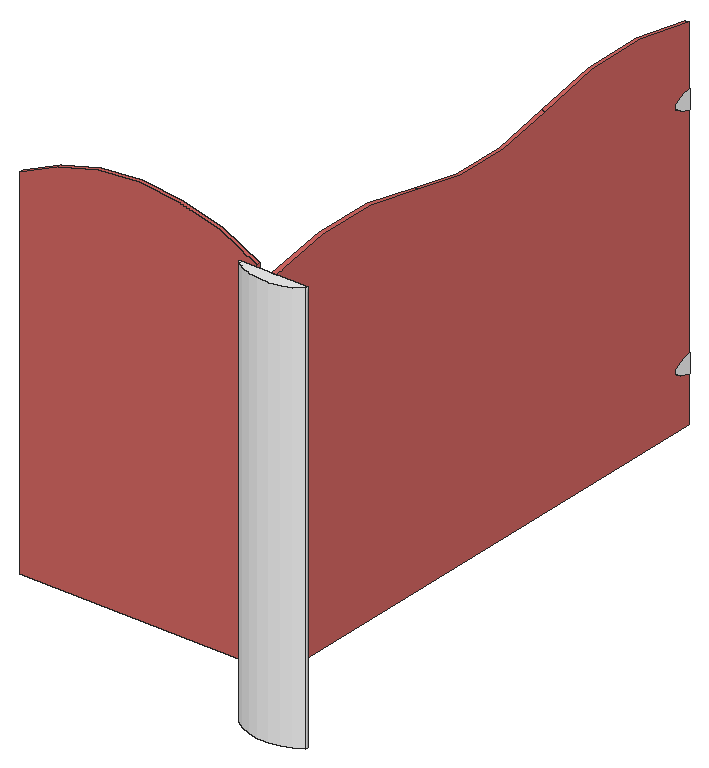
Revit family "NBS_ConceptCubicleSystems_PnlCbclSym_LittleOnes", category Specialty Equipment, Revit 2019
Family settings
  Round Connector Dimension = Use Diameter
  Part Type = Normal
  Work Plane-Based = No
  Always vertical = Yes
  Cut with Voids When Loaded = No
  Shared = No
  Room Calculation Point = No
Parameters (values of type "MiddleOrEndCubicle")
  WarrantyStartDate [instance] = "1900-12-31T23:59:59"
  WarrantyGuarantorParts = "n/a"
  WarrantyGuarantorLabor = "n/a"
  WarrantyDurationUnit = "year"
  WarrantyDurationParts = "n/a"
  WarrantyDurationLabor = "n/a"
  WarrantyDescription = "n/a"
  Version = "3"  # constant formula
  Uniclass2015Version = "Systems v1.17"
  Uniclass2015Title = "Panel cubicle systems"
  Uniclass2015Code = "Ss_25_12_60_60"
  TagNumber [instance] = "n/a"
  SystemManufacturer = "Concept Cubicle Systems"
  SustainabilityPerformance = "n/a"
  Style = "Cubicle"
  Status = "UNSET"
  Size = "1500 x 1200 mm"
  ShowCubicleLocationLines [instance] = yes
  Shape = "n/a"
  SerialNumber [instance] = "n/a"
  Revision = "n/a"
  ReverseDoorSwing [instance] = no
  ReplacementCost = "n/a"
  Reference = "n/a"
  ProductInformation = "https://www.conceptcubiclesystems.co.uk/education/cubicles/little-ones"
  PilasterOpeningWidth [instance] = CubicleWidth - 200 mm  # 600 mm
  PilasterMaterial = NBS_ConceptCubicleSystems_SatinAnodisedAluminium
  PartitionMaterial = NBS_ConceptCubicleSystems_C062_Capucine-Red
  PartitionUndercut = 150 mm
  Panels = "12 mm compact grade laminate"
  PanelThickness = 12.5 mm  # constant formula
  PanelSupports = "150 mm"
  OpenOut [instance] = not(OpenIn)  # no
  OpenIn [instance] = yes
  ReversedDoorSwing [instance] = not(ReverseDoorSwing)  # yes
  NominalWidth [instance] = CubicleWidth  # 800 mm
  NominalLength [instance] = CubicleWidth  # 800 mm
  NominalHeight [instance] = CubicleHeight  # 1200 mm
  NominalDepth [instance] = CubicleDepth  # 1500 mm
  Name = "PanelCubicleSystem_LittleOnes_MiddleOrEndCubicle_ConceptCubicleSystems"
  NBSReference = "25-05-60/160"
  NBSDescription = "Panel cubicle system"
  NBSCertification = "www.nationalbimlibrary.com/cert/rokubya4"
  ModelReference = "Little Ones Toilet Cubicles"
  ModelNumber = "n/a"
  Material = "Compact Grade Laminate"
  ManufacturerURL = "www.conceptcubiclesystems.co.uk"
  ManufacturerName = "Concept Cubicle Systems"  # constant formula
  Manufacturer = "sales@conceptcubiclesystems.co.uk"
  MainColor = "n/a"
  IsWallEndFirstCubicle = no
  IsWallEndEndCubicle = no
  IsSingleCubicle = no
  IsWallToWallSingleCubicle = no
  IsMiddleCubicle = yes
  IsFirstCubicle = no
  IsEndCubicle = yes
  IsBuiltIn = yes
  InstallationDate [instance] = "1900-12-31T23:59:59"
  IfcExportType = "USERDEFINED"  # constant formula
  IfcExportAs = "IfcFurnitureType"  # constant formula
  HasPilasterRightWall = or(IsWallToWallSingleCubicle, IsWallEndEndCubicle)  # no
  HasPilasterRight = or(IsFirstCubicle, IsMiddleCubicle, IsWallEndFirstCubicle, IsSingleCubicle)  # yes
  HasPilasterLeftWall = or(IsWallToWallSingleCubicle, IsWallEndFirstCubicle)  # no
  HasPilasterLeft = IsSingleCubicle  # no
  HasPartitionRight = not(or(IsWallToWallSingleCubicle, IsWallEndEndCubicle))  # yes
  HasPartitionLeft = or(IsSingleCubicle, IsFirstCubicle)  # no
  Grade = "n/a"
  Fittings = "Colourful, powder coated fittings"
  FittingMaterial = NBS_ConceptCubicleSystems_SatinAnodisedAluminium
  Finish = "n/a"
  Features = "Manufactured from 12-13 mm compact grade laminate, easy to clean and robust, bespoke images can be printed onto the pilasters for additional cost"
  ExpectedLife = "n/a"
  DurationUnit = "year"
  DoorSwingCalc [instance] = if(OpenOut, PilasterOpeningWidth - 5 mm, 0 mm)  # 0 mm
  DoorSwing [instance] = if(OpenIn, PilasterOpeningWidth + 110 mm, 0 mm)  # 710 mm
  DoorLeafMaterial = NBS_ConceptCubicleSystems_C062_Capucine-Red
  DoorLeafHeight [instance] = CubicleHeight - DoorLeafUndercut  # 1050 mm
  DoorLeafUndercut = 150 mm
  Description = "Toilet cubicle designed for nusery application"
  CubicleWidth [instance] = 800 mm
  CubicleHeight [instance] = 1200 mm
  CubicleDepth [instance] = 1500 mm
  Constituents = "n/a"
  Color = "Rainbow design as standard"
  CodePerformance = "n/a"
  ClearOpeningWidth [instance] = CubicleWidth - 200 mm - ClearOpeningLeftCalc - ClearOpeningRightCalc  # 600 mm
  ClearOpeningRightCalc [instance] = if(OpenIn, 0 mm, if(and(OpenOut, ReverseDoorSwing), 30 mm, 43 mm))  # 0 mm
  ClearOpeningLeftCalc [instance] = if(OpenIn, 0 mm, if(and(OpenOut, ReversedDoorSwing), 30 mm, 43 mm))  # 0 mm
  Category = "Ss_25_12_60_60:Panel cubicle systems"
  BarCode [instance] = "n/a"
  BIMObjectName = "NBS_ConceptCubicleSystems_PanelCubicleSystem_LittleOnes_MiddleOrEndCubicle"
  Author = "NBS"  # constant formula
  AssetType = "Fixed"
  AssetIdentifier [instance] = "n/a"
  Application = "Designed for nursery washrooms"
  AccessibilityPerformance = "n/a"
Types (6, lengths in mm): name | ShowCubicleLocationLines | Name | IsWallEndFirstCubicle | IsWallEndEndCubicle | IsSingleCubicle | IsWallToWallSingleCubicle | IsMiddleCubicle | IsFirstCubicle | IsEndCubicle | HasPilasterRightWall | HasPilasterRight | HasPilasterLeftWall | HasPilasterLeft | HasPartitionRight | HasPartitionLeft | BIMObjectName
  (no name) | no | "PanelCubicleSystem_LittleOnes_FirstOrSingleCubicle_ConceptCubicleSystems" | no | no | yes | no | no | yes | no | no | yes | no | yes | yes | yes | "NBS_ConceptCubicleSystems_PanelCubicleSystem_LittleOnes_FirstOrSingleCubicle"
  FirstOrSingleCubicle | no | "PanelCubicleSystem_LittleOnes_FirstOrSingleCubicle_ConceptCubicleSystems" | no | no | yes | no | no | yes | no | no | yes | no | yes | yes | yes | "NBS_ConceptCubicleSystems_PanelCubicleSystem_LittleOnes_FirstOrSingleCubicle"
  WallToWallSingleCubicle | yes | "PanelCubicleSystem_LittleOnes_WallToWallSingleCubicle_ConceptCubicleSystems" | no | no | no | yes | no | no | no | yes | no | yes | no | no | no | "NBS_ConceptCubicleSystems_PanelCubicleSystem_LittleOnes_WallToWallSingleCubicle"
  WallEndFirstCubicle | yes | "PanelCubicleSystem_LittleOnes_WallEndFirstCubicle_ConceptCubicleSystems" | yes | no | no | no | no | no | no | no | yes | yes | no | yes | no | "NBS_ConceptCubicleSystems_PanelCubicleSystem_LittleOnes_WallEndFirstCubicle"
  MiddleOrEndCubicle | yes | "PanelCubicleSystem_LittleOnes_MiddleOrEndCubicle_ConceptCubicleSystems" | no | no | no | no | yes | no | yes | no | yes | no | no | yes | no | "NBS_ConceptCubicleSystems_PanelCubicleSystem_LittleOnes_MiddleOrEndCubicle"
  WallEndEndCubicle | yes | "PanelCubicleSystem_LittleOnes_WallEndEndCubicle_ConceptCubicleSystems" | no | yes | no | no | no | no | no | yes | no | no | no | no | no | "NBS_ConceptCubicleSystems_PanelCubicleSystem_LittleOnes_WallEndEndCubicle"
Reference planes
  plane 1 "Back": y = 0
  plane 2: z = 0
  plane 3 "Center (Left/Right)": x = 0
  plane 4 "CubicleLeft": x = -400
  plane 5 "CubicleRight": x = 400
  plane 6 "LeftPartitionExternal": x = -406.25
  plane 7 "LeftPartitionInternal": x = -393.75
  plane 8 "RightPartitionExternal": x = 406.25
  plane 9 "RightPartitionInternal": x = 393.75
  plane 10 "LeftPilaster": x = -300
  plane 11 "RightPilaster": x = 300
  plane 12 "DoorSwing": y = -790
  plane 13 "DoorSwingCalc": y = -1500
  plane 14 "Front": y = -1500
  plane 15 "Top": z = 1200
  plane 16 "PartitionElevation": z = 150
  plane 17 "Left": x = -400
  plane 18 "Right": x = 400
  plane 19 "ClearOpeningRight": x = 300
  plane 20 "ClearOpeningLeft": x = -300
  plane 21: z = 310
  plane 22: z = 1000
  plane 23: y = -750
  plane 24: y = -250
  plane 25: y = -500
  plane 26: y = -1250
  plane 27: y = -1000
Forms (mm)
  Sweep 1, solid, material "NBS_ConceptCubicleSystems_SatinAnodisedAluminium" <- "PilasterMaterial", visible <- "HasPilasterLeftWall", detail levels medium+fine
    path origin (-1330.638, -1500, 1200) x (-1, 0, 0) y (0, 0, 1)
      loop
        line (-930.638, -1200) -> (-930.638, 0)
    profile origin (-400, -1500, 600) x (1, 0, 0) y (0, 1, 0)
      loop
        line (96.3, 0) -> (3, 0) -> (3, 31.5) -> (0, 31.5) -> (0, -40)
        arc (0, -40) -> (52.021, -31.434) -> (98.548, -6.639) r 162.235
        arc (98.548, -6.639) -> (99.805, -2.514) -> (96.3, 0) r 3.7
  Sweep 2, solid, material "NBS_ConceptCubicleSystems_SatinAnodisedAluminium" <- "PilasterMaterial", visible <- "HasPilasterRight", detail levels medium+fine
    path origin (-1330.638, -1500, 1200) x (-1, 0, 0) y (0, 0, 1)
      loop
        line (-1730.638, -1200) -> (-1730.638, 0)
    profile origin (400, -1500, 600) x (1, 0, 0) y (0, 1, 0)
      loop
        arc (-96.3, 0) -> (-99.805, -2.514) -> (-98.548, -6.639) r 3.7
        arc (-98.548, -6.639) -> (0, -40) -> (98.548, -6.639) r 162.235
        arc (98.548, -6.639) -> (99.805, -2.514) -> (96.3, 0) r 3.7
        line (96.3, 0) -> (-96.3, 0)
  Sweep 3, solid, material "NBS_ConceptCubicleSystems_SatinAnodisedAluminium" <- "PilasterMaterial", visible <- "HasPilasterRightWall", detail levels medium+fine
    path origin (-1330.638, -1500, 1200) x (-1, 0, 0) y (0, 0, 1)
      loop
        line (-1730.638, -1200) -> (-1730.638, 0)
    profile origin (400, -1500, 600) x (1, 0, 0) y (0, 1, 0)
      loop
        arc (-96.3, 0) -> (-99.805, -2.514) -> (-98.548, -6.639) r 3.7
        arc (-98.548, -6.639) -> (-52.021, -31.434) -> (0, -40) r 162.235
        line (0, -40) -> (0, 31.5) -> (-3, 31.5) -> (-3, 0) -> (-96.3, 0)
  Extrusion 4, solid, material "NBS_ConceptCubicleSystems_SatinAnodisedAluminium" <- "PilasterMaterial", visible <- "HasPilasterLeftWall", detail levels coarse
    sketch origin (0, 0, 0) x (1, 0, 0) y (0, 1, 0)
      loop
        line (-400, -1500) -> (-400, -1540.1)
        arc (-400, -1540.1) -> (-346.186, -1529.562) -> (-300, -1500) r 146.705
        line (-300, -1500) -> (-400, -1500)
    from 0 to 1200
  Extrusion 5, solid, material "NBS_ConceptCubicleSystems_SatinAnodisedAluminium" <- "PilasterMaterial", visible <- "HasPilasterRightWall", detail levels coarse
    sketch origin (0, 0, 0) x (1, 0, 0) y (0, 1, 0)
      loop
        arc (300, -1500) -> (345.419, -1531.452) -> (400, -1540) r 123.73
        line (400, -1540) -> (400, -1500) -> (300, -1500)
    from 0 to 1200
  Extrusion 6, solid, material "NBS_ConceptCubicleSystems_SatinAnodisedAluminium" <- "PilasterMaterial", visible <- "HasPilasterRight", detail levels coarse
    sketch origin (0, 0, 0) x (1, 0, 0) y (0, 1, 0)
      loop
        line (500, -1500) -> (300, -1500)
        arc (300, -1500) -> (400, -1540) -> (500, -1500) r 145
    from 0 to 1200
  Sweep 7, solid, material "NBS_ConceptCubicleSystems_SatinAnodisedAluminium" <- "PilasterMaterial", visible <- "HasPilasterLeft", detail levels medium+fine
    path origin (-1330.638, -1500, 1200) x (-1, 0, 0) y (0, 0, 1)
      loop
        line (-930.638, -1200) -> (-930.638, 0)
    profile origin (-400, -1500, 600) x (1, 0, 0) y (0, 1, 0)
      loop
        arc (-96.3, 0) -> (-99.805, -2.514) -> (-98.548, -6.639) r 3.7
        arc (-98.548, -6.639) -> (0, -40) -> (98.548, -6.639) r 162.235
        arc (98.548, -6.639) -> (99.805, -2.514) -> (96.3, 0) r 3.7
        line (96.3, 0) -> (-96.3, 0)
  Extrusion 8, solid, material "NBS_ConceptCubicleSystems_SatinAnodisedAluminium" <- "PilasterMaterial", visible <- "HasPilasterLeft", detail levels coarse
    sketch origin (0, 0, 0) x (1, 0, 0) y (0, 1, 0)
      loop
        line (-300, -1500) -> (-500, -1500)
        arc (-500, -1500) -> (-400, -1540) -> (-300, -1500) r 145
    from 0 to 1200
  Extrusion 9, solid, material "NBS_ConceptCubicleSystems_C062_Capucine-Red" <- "PartitionMaterial", visible <- "HasPartitionLeft", detail levels medium+fine
    sketch origin (0, 0, 0) x (0, 1, 0) y (0, 0, 1)
      loop
        arc (0, 1200) -> (-260.05, 1234.391) -> (-519.291, 1194.354) r 924.446
        arc (-519.291, 1194.354) -> (-750, 1160.007) -> (-980.709, 1194.354) r 792
        arc (-980.709, 1194.354) -> (-1239.95, 1234.391) -> (-1500, 1200) r 924.446
        line (-1500, 1200) -> (-1500, 150) -> (0, 150) -> (0, 1200)
    from -406.25 to -393.75
  Extrusion 10, solid, material "NBS_ConceptCubicleSystems_C062_Capucine-Red" <- "PartitionMaterial", visible <- "HasPartitionLeft", detail levels coarse
    sketch origin (0, 0, 0) x (0, 1, 0) y (0, 0, 1)
      loop
        arc (0, 1200) -> (-260.05, 1234.391) -> (-519.291, 1194.354) r 924.446
        arc (-519.291, 1194.354) -> (-750, 1160.007) -> (-980.709, 1194.354) r 792
        arc (-980.709, 1194.354) -> (-1239.95, 1234.391) -> (-1500, 1200) r 924.446
        line (-1500, 1200) -> (-1500, 150) -> (0, 150) -> (0, 1200)
    from -406.25 to -393.75
  Extrusion 11, solid, material "NBS_ConceptCubicleSystems_C062_Capucine-Red" <- "PartitionMaterial", visible <- "HasPartitionRight", detail levels medium+fine
    sketch origin (0, 0, 0) x (0, 1, 0) y (0, 0, 1)
      loop
        arc (0, 1200) -> (-260.05, 1234.391) -> (-519.291, 1194.354) r 924.446
        arc (-519.291, 1194.354) -> (-750, 1160.007) -> (-980.709, 1194.354) r 792
        arc (-980.709, 1194.354) -> (-1239.95, 1234.391) -> (-1500, 1200) r 924.446
        line (-1500, 1200) -> (-1500, 150) -> (0, 150) -> (0, 1200)
    from 393.75 to 406.25
  Extrusion 12, solid, material "NBS_ConceptCubicleSystems_C062_Capucine-Red" <- "PartitionMaterial", visible <- "HasPartitionRight", detail levels coarse
    sketch origin (0, 0, 0) x (0, 1, 0) y (0, 0, 1)
      loop
        arc (0, 1200) -> (-260.05, 1234.391) -> (-519.291, 1194.354) r 924.446
        arc (-519.291, 1194.354) -> (-750, 1160.007) -> (-980.709, 1194.354) r 792
        arc (-980.709, 1194.354) -> (-1239.95, 1234.391) -> (-1500, 1200) r 924.446
        line (-1500, 1200) -> (-1500, 150) -> (0, 150) -> (0, 1200)
    from 393.75 to 406.25
Lines and regions (mm)
  symbolic lines, visible <- "HasPartitionLeft", detail levels coarse
    curve 1: line (-400, 0, 0) -> (-400, -1500, 0)
  symbolic lines, detail levels coarse
    curve 2: line (-300, -1500, 0) -> (-400, -1500, 0)
    curve 3: line (300, -1500, 0) -> (400, -1500, 0)
  symbolic lines, visible <- "HasPartitionRight", detail levels coarse
    curve 4: line (400, -1500, 0) -> (400, 0, 0)
  symbolic lines, style "SpecialityEquipmentHiddenLines", visible <- "ShowCubicleLocationLines"
    curve 5: line (400, -1500, 0) -> (400, 0, 0)
    curve 6: line (-400, 0, 0) -> (-400, -1500, 0)
Dimensions and locks
  equal spacing: plane 4 "CubicleLeft", plane 3 "Center (Left/Right)", plane 5 "CubicleRight"
  "CubicleWidth": plane 4 "CubicleLeft" to plane 5 "CubicleRight"
  equal spacing: plane 6 "LeftPartitionExternal", plane 4 "CubicleLeft", plane 7 "LeftPartitionInternal"
  "PanelThickness": plane 6 "LeftPartitionExternal" to plane 7 "LeftPartitionInternal"
  equal spacing: plane 9 "RightPartitionInternal", plane 5 "CubicleRight", plane 8 "RightPartitionExternal"
  "PanelThickness": plane 9 "RightPartitionInternal" to plane 8 "RightPartitionExternal"
  "DoorSwing": plane 12 "DoorSwing" to plane 13 "DoorSwingCalc"
  "DoorSwingCalc": plane 14 "Front" to plane 13 "DoorSwingCalc"
  "CubicleHeight": plane 15 "Top" to level
  "PartitionUndercut": plane 16 "PartitionElevation" to level
  plane 15 "Top" to plane 16 "PartitionElevation" = 1050 mm
  locked: plane 11 "RightPilaster" to plane 5 "CubicleRight" at 100
  locked: plane 4 "CubicleLeft" to plane 10 "LeftPilaster" at 100
  "ClearOpeningRightCalc": plane 19 "ClearOpeningRight" to plane 11 "RightPilaster"
  "ClearOpeningLeftCalc": plane 10 "LeftPilaster" to plane 20 "ClearOpeningLeft"
  "CubicleDepth": plane 14 "Front" to plane 1 "Back"
  locked: plane 14 "Front" to Sweep 2 sketch curve at 40
  locked: Sweep 2 sketch curve to plane 5 "CubicleRight" at 100
  locked: plane 5 "CubicleRight" to Sweep 2 sketch curve at 100
  locked: Sweep 3 sketch curve to plane 5 "CubicleRight" at 100
  locked: plane 14 "Front" to Sweep 3 sketch curve at 40
  locked: plane 4 "CubicleLeft" to Sweep 1 sketch curve at 100
  locked: plane 14 "Front" to Sweep 1 sketch curve at 40
  plane 14 "Front" to Extrusion 4 sketch curve = 40.102 mm
  locked: plane 14 "Front" to Extrusion 5 sketch curve at 40.301
  locked: plane 14 "Front" to Extrusion 6 sketch curve at 40
  locked: plane 5 "CubicleRight" to Extrusion 6 sketch curve at 100
  locked: Extrusion 6 sketch curve to plane 5 "CubicleRight" at 100
  locked: plane 21 to plane 16 "PartitionElevation" at 160
  plane 15 "Top" to plane 22 = 200 mm
  locked: Sweep 7 sketch curve to plane 4 "CubicleLeft" at 100
  locked: plane 4 "CubicleLeft" to Sweep 7 sketch curve at 100
  locked: plane 14 "Front" to Sweep 7 sketch curve at 40
  locked: plane 14 "Front" to Extrusion 8 sketch curve at 40
  locked: Extrusion 8 sketch curve to plane 4 "CubicleLeft" at 100
  locked: plane 4 "CubicleLeft" to Extrusion 8 sketch curve at 100
  equal spacing: plane 1 "Back", plane 23, plane 14 "Front"
  equal spacing: plane 1 "Back", plane 24, plane 25, plane 23
  equal spacing: plane 23, plane 27, plane 26, plane 14 "Front"
  locked: Extrusion 9 sketch curve to plane 15 "Top" at 34.446  (x2)
  locked: plane 15 "Top" to Extrusion 9 sketch curve at 39.993
  aligned and locked: level to plane 2
  aligned and locked: plane 1 "Back" to curve 4
  aligned and locked: plane 11 "RightPilaster" to curve 3
  aligned and locked: plane 10 "LeftPilaster" to curve 2
  aligned and locked: curve 1 to plane 4 "CubicleLeft"
  aligned and locked: plane 17 "Left" to plane 4 "CubicleLeft"
  aligned and locked: plane 18 "Right" to plane 5 "CubicleRight"
  aligned and locked: curve 5 to plane 5 "CubicleRight"
  aligned and locked: plane 1 "Back" to curve 5
  aligned and locked: curve 6 to plane 4 "CubicleLeft"
  aligned and locked: plane 1 "Back" to curve 6
  aligned and locked: plane 4 "CubicleLeft" to curve 2
  aligned and locked: nested 1 to plane 11 "RightPilaster"
  aligned and locked: nested 2 to plane 10 "LeftPilaster"
  aligned and locked: plane 14 "Front" to curve 2
  aligned and locked: curve 3 to plane 14 "Front"
  aligned and locked: plane 14 "Front" to nested 2
  aligned and locked: nested 1 to plane 14 "Front"
  aligned and locked: plane 17 "Left" to Sweep 1 sketch curve
  aligned and locked: plane 15 "Top" to Sweep 1 sketch curve
  aligned and locked: Sweep 2 sketch curve to plane 18 "Right"
  aligned and locked: plane 15 "Top" to Sweep 2 sketch curve
  aligned and locked: Sweep 3 sketch curve to plane 18 "Right"
  aligned and locked: plane 15 "Top" to Sweep 3 sketch curve
  aligned and locked: Extrusion 4 sketch curve to plane 14 "Front"
  aligned and locked: plane 15 "Top" to Extrusion 4
  aligned and locked: Extrusion 5 sketch curve to plane 14 "Front"
  aligned and locked: plane 15 "Top" to Extrusion 5
  aligned and locked: Sweep 1 sketch curve to plane 4 "CubicleLeft"
  aligned and locked: plane 5 "CubicleRight" to Extrusion 5 sketch curve
  aligned and locked: plane 14 "Front" to Extrusion 6 sketch curve
  aligned and locked: plane 15 "Top" to Extrusion 6
  aligned and locked: plane 1 "Back" to nested 3
  aligned and locked: plane 1 "Back" to nested 4
  aligned and locked: plane 1 "Back" to nested 5
  aligned and locked: plane 1 "Back" to nested 6
  aligned and locked: plane 4 "CubicleLeft" to nested 3
  aligned and locked: plane 4 "CubicleLeft" to nested 4
  aligned and locked: nested 6 to plane 5 "CubicleRight"
  aligned and locked: nested 5 to plane 5 "CubicleRight"
  aligned and locked: plane 21 to nested 3
  aligned and locked: plane 21 to nested 6
  aligned and locked: plane 22 to nested 4
  aligned and locked: plane 22 to nested 5
  aligned and locked: nested 8 to plane 14 "Front"
  aligned and locked: nested 7 to plane 14 "Front"
  aligned and locked: nested 9 to plane 14 "Front"
  aligned and locked: nested 10 to plane 14 "Front"
  aligned and locked: nested 8 to plane 4 "CubicleLeft"
  aligned and locked: nested 7 to plane 4 "CubicleLeft"
  aligned and locked: plane 5 "CubicleRight" to nested 9
  aligned and locked: plane 5 "CubicleRight" to nested 10
  aligned and locked: plane 21 to nested 7
  aligned and locked: plane 21 to nested 10
  aligned and locked: plane 22 to nested 8
  aligned and locked: plane 22 to nested 9
  aligned and locked: Extrusion 4 sketch curve to plane 4 "CubicleLeft"
  aligned and locked: plane 10 "LeftPilaster" to Extrusion 4 sketch curve
  aligned and locked: plane 11 "RightPilaster" to Extrusion 5 sketch curve
  aligned and locked: level to Sweep 1 sketch curve
  aligned and locked: level to Sweep 2 sketch curve
  aligned and locked: level to Sweep 3 sketch curve
  aligned and locked: plane 17 "Left" to Sweep 7 sketch curve
  aligned and locked: plane 15 "Top" to Sweep 7 sketch curve
  aligned and locked: level to Sweep 7 sketch curve
  aligned and locked: plane 14 "Front" to Extrusion 8 sketch curve
  aligned and locked: plane 15 "Top" to Extrusion 8
  aligned and locked: plane 1 "Back" to Extrusion 9 sketch curve
  aligned and locked: plane 16 "PartitionElevation" to Extrusion 9 sketch curve
  aligned and locked: plane 14 "Front" to Extrusion 9 sketch curve
  aligned and locked: plane 24 to Extrusion 9 sketch curve
  aligned and locked: plane 26 to Extrusion 9 sketch curve
  aligned and locked: plane 23 to Extrusion 9 sketch curve
  aligned and locked: plane 15 "Top" to Extrusion 9 sketch curve  (x2)
  aligned and locked: plane 1 "Back" to Extrusion 10 sketch curve
  aligned and locked: plane 16 "PartitionElevation" to Extrusion 10 sketch curve
  aligned and locked: plane 14 "Front" to Extrusion 10 sketch curve
  aligned and locked: plane 1 "Back" to Extrusion 11 sketch curve
  aligned and locked: plane 14 "Front" to Extrusion 11 sketch curve
  aligned and locked: plane 16 "PartitionElevation" to Extrusion 11 sketch curve
  aligned and locked: plane 1 "Back" to Extrusion 12 sketch curve
  aligned and locked: plane 14 "Front" to Extrusion 12 sketch curve
  aligned and locked: plane 16 "PartitionElevation" to Extrusion 12 sketch curve
  aligned and locked: Extrusion 12 to plane 9 "RightPartitionInternal"
  aligned and locked: Extrusion 12 to plane 8 "RightPartitionExternal"
  aligned and locked: Extrusion 10 to plane 7 "LeftPartitionInternal"
  aligned and locked: Extrusion 10 to plane 6 "LeftPartitionExternal"
  aligned and locked: Extrusion 11 to plane 9 "RightPartitionInternal"
  aligned and locked: Extrusion 11 to plane 8 "RightPartitionExternal"
  aligned and locked: Extrusion 9 to plane 7 "LeftPartitionInternal"
  aligned and locked: Extrusion 9 to plane 6 "LeftPartitionExternal"
  aligned and locked: Extrusion 10 sketch curve to Extrusion 9  (x3)
  aligned and locked: Extrusion 12 sketch curve to Extrusion 9  (x3)
  aligned and locked: Extrusion 11 sketch curve to Extrusion 9  (x3)
Automatic sketch dimensions
  plane 1 "Back" to curve 1 = 0 mm
  Sweep 2 sketch curve to Sweep 2 sketch curve = 96.3 mm
  Sweep 2 sketch curve to plane 14 "Front" = 3.7 mm
  Sweep 2 sketch curve to Sweep 2 sketch curve = 0 mm  (x2)
  Sweep 2 sketch curve to Sweep 2 sketch curve = 3.7 mm
  Sweep 3 sketch curve to Sweep 3 sketch curve = 93.3 mm
  Sweep 3 sketch curve to Sweep 3 sketch curve = 3 mm
  Sweep 3 sketch curve to plane 14 "Front" = 3.7 mm
  Sweep 3 sketch curve to Sweep 3 sketch curve = 31.5 mm
  Sweep 3 sketch curve to Sweep 3 sketch curve = 90.735 mm
  Sweep 3 sketch curve to plane 14 "Front" = 0 mm
  Sweep 1 sketch curve to Sweep 1 sketch curve = 3 mm
  Sweep 1 sketch curve to plane 14 "Front" = 3.7 mm
  Sweep 1 sketch curve to Sweep 1 sketch curve = 40 mm
  Sweep 1 sketch curve to Sweep 1 sketch curve = 31.5 mm
  Sweep 1 sketch curve to Sweep 1 sketch curve = 90.735 mm
  Extrusion 4 sketch curve to plane 4 "CubicleLeft" = 0.788 mm
  Extrusion 5 sketch curve to plane 9 "RightPartitionInternal" = 2.379 mm
  Sweep 7 sketch curve to plane 14 "Front" = 3.7 mm  (x2)
  profile plane to Sweep 7 sketch curve = 0 mm
  Sweep 7 sketch curve to Sweep 7 sketch curve = 3.7 mm
  Sweep 7 sketch curve to Sweep 7 sketch curve = 0 mm
  Extrusion 9 sketch curve to Extrusion 9 sketch curve = 0 mm
Nested families
  nested 1: "NBS_ConceptCubicleSystems_PnlCbclSym_LittleOnes_DoorLeaf" at (300, -1500, 0), visible <- "ReversedDoorSwing", type "Door"
    with DoorLeafHeight 1050 mm
  nested 2: "NBS_ConceptCubicleSystems_PnlCbclSym_LittleOnes_DoorLeaf" at (-300, -1500, 0) x (-1, 0, 0) z (0, 0, 1), visible <- "ReverseDoorSwing", type "Door"
    with DoorLeafHeight 1050 mm
  nested 3: "NBS_ConceptCubicleSystems_PnlCbclSym_Fitting_Type1" at (-400, 0, 310), visible <- "HasPartitionLeft", type "NBS_ConceptCubicleSystems_PnlCbclSym_Fitting_Type1", detail levels fine
  nested 4: "NBS_ConceptCubicleSystems_PnlCbclSym_Fitting_Type1" at (-400, 0, 1000), visible <- "HasPartitionLeft", type "NBS_ConceptCubicleSystems_PnlCbclSym_Fitting_Type1", detail levels fine
  nested 5: "NBS_ConceptCubicleSystems_PnlCbclSym_Fitting_Type1" at (400, 0, 1000), visible <- "HasPartitionRight", type "NBS_ConceptCubicleSystems_PnlCbclSym_Fitting_Type1", detail levels fine
  nested 6: "NBS_ConceptCubicleSystems_PnlCbclSym_Fitting_Type1" at (400, 0, 310), visible <- "HasPartitionRight", type "NBS_ConceptCubicleSystems_PnlCbclSym_Fitting_Type1", detail levels fine
  nested 7: "NBS_ConceptCubicleSystems_PnlCbclSym_Fitting_Type1" at (-400, -1500, 310), visible <- "HasPartitionLeft", type "NBS_ConceptCubicleSystems_PnlCbclSym_Fitting_Type1", detail levels fine
  nested 8: "NBS_ConceptCubicleSystems_PnlCbclSym_Fitting_Type1" at (-400, -1500, 1000), visible <- "HasPartitionLeft", type "NBS_ConceptCubicleSystems_PnlCbclSym_Fitting_Type1", detail levels fine
  nested 9: "NBS_ConceptCubicleSystems_PnlCbclSym_Fitting_Type1" at (400, -1500, 1000), visible <- "HasPartitionRight", type "NBS_ConceptCubicleSystems_PnlCbclSym_Fitting_Type1", detail levels fine
  nested 10: "NBS_ConceptCubicleSystems_PnlCbclSym_Fitting_Type1" at (400, -1500, 310), visible <- "HasPartitionRight", type "NBS_ConceptCubicleSystems_PnlCbclSym_Fitting_Type1", detail levels fine
Definition of nested family "NBS_ConceptCubicleSystems_PnlCbclSym_LittleOnes_DoorLeaf"
  Parameters (values of type "Door")
    OpenOut = not(OpenIn)  # no
    OpenIn = yes
    HandleMaterial = none
    FittingMaterial = none
    DoorLeafWidth = if(OpenIn, PilasterOpeningWidth + 78.5 mm, PilasterOpeningWidth + 22 mm)  # 678.5 mm
    DoorLeafThickness = 12 mm
    DoorLeafOffset = 12 mm  # constant formula
    DoorLeafMaterial = none
    DoorLeafHeight = 1200 mm
    DoorLeafElevation = 150 mm
    PilasterOpeningWidth = 600 mm
    ArcHeight = DoorLeafWidth - sqrt(DoorLeafWidth ^ 2 - (DoorLeafWidth / 2) ^ 2)  # 90.902 mm
  Reference planes
    plane 1 "Pilaster": y = 0
    plane 2: z = 0
    plane 3 "RightPilaster": x = 0
    plane 4 "DoorLeftOpenIn": x = -649
    plane 5 "DoorRightOpenIn": x = 39.5
    plane 6 "DoorFront": y = 12
    plane 7 "DoorBack": y = 24
    plane 8 "HingeInLR": x = 39
    plane 9 "HingeInFB": y = 22
    plane 10 "DoorFrontOpen": y = 31.5
    plane 11 "DoorBackOpen": y = 710
    plane 12 "DoorRightOpen": x = 41
    plane 13 "DoorLeftOpen": x = 29
    plane 14 "LockLROut": x = -580
    plane 15 "Lock": z = 650
    plane 16 "Top": z = 1440.902
    plane 17 "DoorBottom": z = 150
    plane 18: z = 750
    plane 19 "HingeOutLR": x = -9
    plane 20 "HingeOutFB": y = -10
    plane 21 "DoorRightOpenOut": x = -43
    plane 22 "DoorLeftOpenOut": x = -31
    plane 23 "DoorBackOpenOut": y = 27
    plane 24 "DoorFrontOpenOut": y = -651.5
    plane 25 "LeftPilaster": x = -600
    plane 26 "DoorOpenOutLeft": x = -594
    plane 27 "DoorOpenOutRight": x = 27.5
    plane 28: z = 762.402
    plane 29: z = 1350
    plane 30 "LockLRIn": x = -620
  Forms (mm)
    Revolve 1, solid, material <- "HandleMaterial", visible <- "OpenOut", detail levels medium+fine
      sketch origin (-310.75, 0, 650) x (-1, 0, 0) y (0, -1, 0)
        loop
          arc (257.575, 26) -> (252.908, 19.845) -> (251.25, 12.3) r 18
          line (251.25, 12.3) -> (251.25, 4.467)
          arc (251.25, 4.467) -> (251.534, 3.194) -> (252.331, 2.161) r 3
          arc (252.331, 2.161) -> (257.38, -4.178) -> (259.5, -12) r 20
          line (259.5, -12) -> (269.25, -12) -> (269.25, 33)
          arc (269.25, 33) -> (264.3, 30.95) -> (262.25, 26) r 7
          line (262.25, 26) -> (257.575, 26)
        axis (269.25, -12) -> (269.25, 33)
      angle from 0 to 360
    Sweep 2, solid, material <- "FittingMaterial", visible <- "OpenOut", detail levels medium+fine
      path origin (-10.5, 0, 0) x (1, 0, 0) y (0, 0, 1)
        loop
          line (-589.5, 1350) -> (-589.5, 150)
      profile origin (-600, 0, 750) x (0, -1, 0) y (1, 0, 0)
        loop
          line (-24, 0) -> (-24, 30) -> (-26, 30) -> (-26, -2) -> (-2, -2) -> (-2, -35) -> (0, -35) -> (0, 0) -> (-24, 0)
    Extrusion 3, solid, material <- "DoorLeafMaterial", visible <- "OpenIn"
      sketch origin (0, 0, 0) x (1, 0, 0) y (0, 0, 1)
        loop
          line (-649, 1347.085) -> (-649, 150) -> (39.5, 150) -> (39.5, 1347.085)
          arc (39.5, 1347.085) -> (-304.75, 1440.902) -> (-649, 1347.085) r 678.5
      from -24 to -12
    Extrusion 4, solid, material <- "DoorLeafMaterial", visible <- "OpenOut", detail levels medium+fine
      sketch origin (0, 0, 0) x (1, 0, 0) y (0, 0, 1)
        loop
          line (-594, 1365.557) -> (-594, 150) -> (27.5, 150) -> (27.5, 1365.557)
          arc (27.5, 1365.557) -> (-283.25, 1440.902) -> (-594, 1365.557) r 678.5
      from -24 to -12
    Revolve 5, solid, material <- "HandleMaterial", visible <- "OpenIn", detail levels medium+fine
      sketch origin (0, 0, 650) x (-1, 0, 0) y (0, -1, 0)
        loop
          arc (631.675, -62) -> (636.342, -55.845) -> (638, -48.3) r 18
          line (638, -48.3) -> (638, -40.467)
          arc (638, -40.467) -> (637.716, -39.194) -> (636.919, -38.161) r 3
          arc (636.919, -38.161) -> (631.87, -31.822) -> (629.75, -24) r 20
          line (629.75, -24) -> (620, -24) -> (620, -69)
          arc (620, -69) -> (624.95, -66.95) -> (627, -62) r 7
          line (627, -62) -> (631.675, -62)
        axis (620, -69) -> (620, -24)
      angle from 0 to 360
    Extrusion 6, solid, material <- "DoorLeafMaterial", visible <- "OpenOut", detail levels coarse
      sketch origin (0, 0, 0) x (1, 0, 0) y (0, 0, 1)
        loop
          line (-600, 1364.002) -> (-600, 150) -> (27.5, 150) -> (27.5, 1364.002)
          arc (27.5, 1364.002) -> (-286.25, 1440.902) -> (-600, 1364.002) r 678.5
      from -24 to -12
  Lines and regions (mm)
    Masking region 1, visible <- "OpenIn", detail levels medium+fine
      outline origin (-310.75, -67.132, 0) x (1, 0, 0) y (0, 1, 0)
        loop
          line (339.75, 777.132) -> (339.75, 98.632) -> (351.75, 98.632) -> (351.75, 777.132) -> (339.75, 777.132)
    Masking region 2, visible <- "OpenOut", detail levels medium+fine
      outline origin (-310.75, 0, 0) x (1, 0, 0) y (0, 1, 0)
        loop
          line (267.75, 27) -> (267.75, -651.5) -> (279.75, -651.5) -> (279.75, 27) -> (267.75, 27)
    symbolic lines, visible <- "OpenIn", detail levels coarse
      curve 1: line (41, 31.5, 0) -> (41, 710, 0)
    symbolic lines, visible <- "OpenIn"
      curve 2: line (-649, 0, 150) -> (39.5, 0, 750)
      curve 3: line (39.5, 0, 750) -> (-649, 0, 1350)
      curve 6: arc (41, 710, 0) -> (-446.075, 509.904, 0) -> (-649, 24, 0) r 688.003
    symbolic lines, visible <- "OpenOut", detail levels coarse
      curve 4: line (-43, 27, 0) -> (-43, -651.5, 0)
    symbolic lines, visible <- "OpenOut"
      curve 5: arc (-31, -651.5, 0) -> (-478.165, -448.053, 0) -> (-650.5, 12, 0) r 641.877
      curve 7: line (-594, 0, 150) -> (27.5, 0, 750)
      curve 8: line (27.5, 0, 750) -> (-594, 0, 1350)
  Dimensions and locks
    "DoorLeafOffset": plane 1 "Pilaster" to plane 6 "DoorFront"
    "DoorLeafThickness": plane 7 "DoorBack" to plane 6 "DoorFront"
    locked: plane 15 "Lock" to level at 650
    "DoorLeafElevation": plane 17 "DoorBottom" to level
    locked: plane 10 "DoorFrontOpen" to plane 9 "HingeInFB" at 9.5
    "DoorLeafThickness": plane 13 "DoorLeftOpen" to plane 12 "DoorRightOpen"
    locked: plane 3 "RightPilaster" to plane 8 "HingeInLR" at 39
    locked: plane 19 "HingeOutLR" to plane 3 "RightPilaster" at 9
    locked: plane 20 "HingeOutFB" to plane 1 "Pilaster" at 10
    locked: plane 22 "DoorLeftOpenOut" to plane 19 "HingeOutLR" at 22
    "DoorLeafThickness": plane 21 "DoorRightOpenOut" to plane 22 "DoorLeftOpenOut"
    locked: plane 23 "DoorBackOpenOut" to plane 20 "HingeOutFB" at 37
    "PilasterOpeningWidth": plane 25 "LeftPilaster" to plane 3 "RightPilaster"
    locked: plane 3 "RightPilaster" to plane 5 "DoorRightOpenIn" at 39.5
    locked: plane 25 "LeftPilaster" to plane 14 "LockLROut" at 20
    locked: plane 25 "LeftPilaster" to plane 26 "DoorOpenOutLeft" at 6
    locked: plane 3 "RightPilaster" to plane 27 "DoorOpenOutRight" at 27.5
    locked: plane 1 "Pilaster" to plane 9 "HingeInFB" at 22
    "DoorLeafWidth": plane 11 "DoorBackOpen" to plane 10 "DoorFrontOpen"
    locked: plane 13 "DoorLeftOpen" to plane 8 "HingeInLR" at 10
    "DoorLeafWidth": plane 23 "DoorBackOpenOut" to plane 24 "DoorFrontOpenOut"
    locked: plane 4 "DoorLeftOpenIn" to plane 25 "LeftPilaster" at 49
    locked: Sweep 2 sketch curve to plane 7 "DoorBack" at 2
    locked: plane 1 "Pilaster" to Sweep 2 sketch curve at 2
    "DoorLeafWidth": plane 16 "Top" to plane 28
    equal spacing: plane 5 "DoorRightOpenIn", Extrusion 3 sketch curve, plane 4 "DoorLeftOpenIn"
    "ArcHeight": plane 16 "Top" to plane 29
    equal spacing: plane 29, plane 18, plane 17 "DoorBottom"
    equal spacing: plane 27 "DoorOpenOutRight", Extrusion 4 sketch curve, plane 26 "DoorOpenOutLeft"
    locked: Sweep 2 sketch curve to plane 25 "LeftPilaster" at 2
    locked: plane 25 "LeftPilaster" to Sweep 2 sketch curve at 30
    locked: Sweep 2 sketch curve to plane 25 "LeftPilaster" at 35
    locked: plane 30 "LockLRIn" to plane 25 "LeftPilaster" at 20
    equal spacing: plane 27 "DoorOpenOutRight", Extrusion 6 sketch curve, plane 25 "LeftPilaster"
    "DoorLeafHeight": plane 29 to plane 17 "DoorBottom"
    "DoorLeafWidth": radius of Extrusion 3 sketch curve
    "DoorLeafWidth": radius of Extrusion 4 sketch curve
    "DoorLeafWidth": radius of Extrusion 6 sketch curve
    aligned and locked: level to plane 2
    aligned and locked: Masking region 1 sketch curve to plane 13 "DoorLeftOpen"
    aligned and locked: Masking region 1 sketch curve to plane 12 "DoorRightOpen"
    aligned and locked: Masking region 1 sketch curve to plane 11 "DoorBackOpen"
    aligned and locked: Masking region 1 sketch curve to plane 10 "DoorFrontOpen"
    aligned and locked: plane 11 "DoorBackOpen" to curve 1
    aligned and locked: plane 10 "DoorFrontOpen" to curve 1
    aligned and locked: curve 1 to plane 12 "DoorRightOpen"
    aligned and locked: plane 17 "DoorBottom" to curve 2
    aligned and locked: plane 4 "DoorLeftOpenIn" to curve 2
    aligned and locked: plane 4 "DoorLeftOpenIn" to curve 3
    aligned and locked: Masking region 2 sketch curve to plane 21 "DoorRightOpenOut"
    aligned and locked: Masking region 2 sketch curve to plane 22 "DoorLeftOpenOut"
    aligned and locked: Masking region 2 sketch curve to plane 23 "DoorBackOpenOut"
    aligned and locked: Masking region 2 sketch curve to plane 24 "DoorFrontOpenOut"
    aligned and locked: curve 4 to plane 21 "DoorRightOpenOut"
    aligned and locked: plane 23 "DoorBackOpenOut" to curve 4
    aligned and locked: plane 24 "DoorFrontOpenOut" to curve 4
    aligned and locked: plane 19 "HingeOutLR" to curve 5
    aligned and locked: plane 20 "HingeOutFB" to curve 5
    aligned and locked: plane 17 "DoorBottom" to Sweep 2 sketch curve
    aligned and locked: plane 8 "HingeInLR" to curve 6
    aligned and locked: plane 9 "HingeInFB" to curve 6
    aligned and locked: Sweep 2 sketch curve to plane 25 "LeftPilaster"
    aligned and locked: plane 18 to curve 3
    aligned and locked: plane 5 "DoorRightOpenIn" to curve 3
    aligned and locked: Sweep 2 sketch curve to plane 7 "DoorBack"
    aligned and locked: Sweep 2 sketch curve to plane 1 "Pilaster"
    aligned and locked: Extrusion 3 sketch curve to plane 4 "DoorLeftOpenIn"
    aligned and locked: plane 5 "DoorRightOpenIn" to Extrusion 3 sketch curve
    aligned and locked: Extrusion 3 sketch curve to plane 17 "DoorBottom"
    aligned and locked: plane 28 to Extrusion 3 sketch curve
    aligned and locked: plane 29 to curve 3
    aligned and locked: Extrusion 4 sketch curve to plane 26 "DoorOpenOutLeft"
    aligned and locked: Extrusion 4 sketch curve to plane 27 "DoorOpenOutRight"
    aligned and locked: Extrusion 4 sketch curve to plane 17 "DoorBottom"
    aligned and locked: plane 28 to Extrusion 4 sketch curve
    aligned and locked: plane 26 "DoorOpenOutLeft" to curve 8
    aligned and locked: plane 29 to curve 8
    aligned and locked: plane 27 "DoorOpenOutRight" to curve 8
    aligned and locked: plane 18 to curve 8
    aligned and locked: plane 17 "DoorBottom" to curve 7
    aligned and locked: plane 26 "DoorOpenOutLeft" to curve 7
    aligned and locked: plane 7 "DoorBack" to Extrusion 3
    aligned and locked: Extrusion 3 to plane 6 "DoorFront"
    aligned and locked: plane 7 "DoorBack" to Extrusion 4
    aligned and locked: Extrusion 4 to plane 6 "DoorFront"
    aligned and locked: plane 29 to Sweep 2 sketch curve
    aligned and locked: profile plane to Sweep 2 sketch curve
    aligned and locked: Revolve 5 sketch curve to plane 30 "LockLRIn"  (x2)
    aligned and locked: plane 14 "LockLROut" to Revolve 1 sketch curve
    aligned and locked: Revolve 1 sketch curve to plane 14 "LockLROut"
    aligned and locked: Extrusion 6 sketch curve to plane 25 "LeftPilaster"
    aligned and locked: Extrusion 6 sketch curve to plane 27 "DoorOpenOutRight"
    aligned and locked: Extrusion 6 sketch curve to plane 17 "DoorBottom"
    aligned and locked: plane 28 to Extrusion 6 sketch curve
    aligned and locked: plane 7 "DoorBack" to Extrusion 6
    aligned and locked: Extrusion 6 to plane 6 "DoorFront"
  Automatic sketch dimensions
    curve 6 to plane 7 "DoorBack" = 0 mm
    curve 5 to plane 6 "DoorFront" = 0 mm
    curve 5 to plane 22 "DoorLeftOpenOut" = 0 mm
    curve 5 to plane 24 "DoorFrontOpenOut" = 0 mm
    Revolve 5 sketch curve to plane 30 "LockLRIn" = 0 mm
    Revolve 5 sketch curve to plane 7 "DoorBack" = 0 mm
    Revolve 5 sketch curve to plane 30 "LockLRIn" = 9.75 mm
    Revolve 5 sketch curve to plane 30 "LockLRIn" = 11.675 mm
    plane 4 "DoorLeftOpenIn" to Revolve 5 sketch curve = 14 mm
    Revolve 5 sketch curve to Revolve 5 sketch curve = 3 mm
    Revolve 5 sketch curve to plane 4 "DoorLeftOpenIn" = 0.713 mm
    plane 10 "DoorFrontOpen" to Revolve 5 sketch curve = 8.967 mm
    Revolve 5 sketch curve to Revolve 5 sketch curve = 7.833 mm
    Revolve 5 sketch curve to Revolve 5 sketch curve = 0 mm
    Revolve 5 sketch curve to Revolve 5 sketch curve = 7 mm
    plane 9 "HingeInFB" to Revolve 5 sketch curve = 0.789 mm
    Revolve 5 sketch curve to Revolve 5 sketch curve = 5.287 mm
    Revolve 5 sketch curve to plane 20 "HingeOutFB" = 40.187 mm
    Revolve 1 sketch curve to Revolve 1 sketch curve = 11.713 mm
    Revolve 1 sketch curve to Revolve 1 sketch curve = 3 mm
    Revolve 1 sketch curve to Revolve 1 sketch curve = 6.325 mm
    Revolve 1 sketch curve to Revolve 1 sketch curve = 5.25 mm
    Revolve 1 sketch curve to Revolve 1 sketch curve = 4.675 mm
    Revolve 1 sketch curve to Revolve 1 sketch curve = 7 mm
    Revolve 1 sketch curve to Revolve 1 sketch curve = 0 mm
    Revolve 1 sketch curve to plane 10 "DoorFrontOpen" = 18.289 mm
    Revolve 1 sketch curve to Revolve 1 sketch curve = 1.211 mm
    Revolve 1 sketch curve to Revolve 1 sketch curve = 16.467 mm
    Revolve 1 sketch curve to Revolve 1 sketch curve = 7.833 mm
    plane 10 "DoorFrontOpen" to Revolve 1 sketch curve = 62.822 mm
    Revolve 1 sketch curve to Revolve 1 sketch curve = 29.569 mm
    Extrusion 3 sketch curve to plane 4 "DoorLeftOpenIn" = 0 mm
    Extrusion 6 sketch curve to plane 25 "LeftPilaster" = 0 mm
Definition of nested family "NBS_ConceptCubicleSystems_PnlCbclSym_Fitting_Type1"
  Parameters (values of type "NBS_ConceptCubicleSystems_PnlCbclSym_Fitting_Type1")
    FittingMaterial = none
  Reference planes
    plane 1 "Center (Front/Back)": y = 0
    plane 2: z = 0
    plane 3 "Center (Left/Right)": x = 0
  Forms (mm)
    Extrusion 1, solid, material <- "FittingMaterial"
      sketch origin (0, 0, 0) x (0, 1, 0) y (0, 0, 1)
        loop
          arc (-47.371, 7.328) -> (-51.146, 0) -> (-47.371, -7.328) r 9
          arc (-47.371, -7.328) -> (-24.803, -19.826) -> (0, -26.916) r 113.721
          line (0, -26.916) -> (0, 26.916)
          arc (0, 26.916) -> (-24.803, 19.826) -> (-47.371, 7.328) r 113.721
      from -8.5 to 8.5
    Extrusion 2, void
      sketch origin (0, 0, 0) x (1, 0, 0) y (0, 1, 0)
        loop
          line (6.25, -4) -> (-6.25, -4) -> (-6.25, -52.661) -> (6.25, -52.661) -> (6.25, -4)
      from -30 to 30
  Cuts and joins
    Extrusion 2 cuts Extrusion 1
  Dimensions and locks
    aligned and locked: level to plane 2
    aligned and locked: plane 1 "Center (Front/Back)" to Extrusion 1 sketch curve
